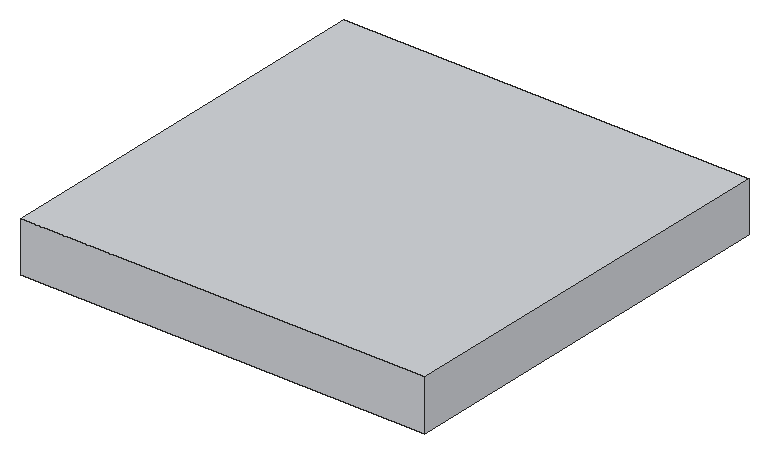
Revit family "Sanitary_Wash-Basins_DELABIE_120130-Wall-mounted-BOB-washbasin postraitement", category Appareils sanitaires, Revit 2018
Family settings
  Hôte = Face
  Cote de connecteur circulaire = Utiliser le diamètre
  Type d'élément = Normal
  Couper avec des vides une fois chargée = Non
  Partagée = Non
  Point de calcul de pièce = Non
Parameters
  Default Elevation = 1219.2 mm
Reference planes
  plane 1 "Centre (avant/arrière)": y = 0
  plane 2: z = 0
  plane 3 "Centre (gauche/droite)": x = 0
Forms (mm)
  Extrusion 1, solid
    sketch origin (0, 0, 0) x (1, 0, 0) y (0, 1, 0)
      loop
        line (-1219.2, 1219.2) -> (-1219.2, -1219.2) -> (1219.2, -1219.2) -> (1219.2, 1219.2) -> (-1219.2, 1219.2)
    from 0 to -304.8
Dimensions and locks
  aligned and locked: plane 2 to Extrusion 1
  aligned and locked: level to Extrusion 1
Nested families
  nested 1: "Sanitary_Wash-Basins_DELABIE_120130-Wall-mounted-BOB-washbasin" at (0, 0, 0), type "Default"
Definition of nested family "Sanitary_Wash-Basins_DELABIE_120130-Wall-mounted-BOB-washbasin"
  Parameters (values of type "Default")
    Youtube clip = ""
    Uniformat II Description = ""
    Uniformat II Code = ""
    Uniclass 2015 Name = "Wash basins, sinks and troughs"
    Uniclass 2015 Code = "Pr_40_20_96"
    Uniclass 2.0 Description = "Sinks, Wash Basins And Troughs"
    Uniclass 2.0 Code = "PR-31-79"
    Uniclass 1.4 Description = "Washbasins"
    Uniclass 1.4 Code = "L7212"
    UNSPSC Code = "301815"
    Technical description = "https://www.delabie.com/products/120130"
    Region South America = "AR, BO, BR, CL, CO, EC, FK, GF, GY, PE, PY, SR, UY, VE"
    Region Oceania = "AU, FJ, NC, NZ, PG, SB, TL, VU"
    Region North America = "BS, BZ, CA, CR, CU, DO, GL, GT, HN, HT, JM, MX, NI, PA, PR, SV, TT, US"
    Region Middle East = "AE, AF, EG, IL, IQ, IR, JO, KW, LB, OM, PS, QA, SA, SY, TR, YE"
    Region Europe = "AL, AT, BA, BE, BG, BY, CH, CY, CZ, DE, DK, EE, ES, FI, FR, GB, GR, HR, HU, IE, IS, IT, LT, LU, LV, MD, ME, MK, NL, NO, PL, PT, RO, RS, RU, SE, SI, SJ, SK, UA"
    Region Asia = "AM, AZ, BD, BN, BT, CN, GE, ID, IN, JP, KG, KH, KP, KR, KZ, LA, LK, MM, MN, MY, NP, PH, PK, TH, TJ, TM, TW, UZ, VN"
    Region Antarctica = "TF"
    Region Africa = "AO, BF, BI, BJ, BW, CD, CF, CG, CI, CM, DJ, DZ, EH, ER, ET, GA, GH, GM, GN, GQ, GW, KE, LR, LS, LY, MA, MG, ML, MR, MW, MZ, NA, NE, NG, RW, SD, SL, SN, SO, SS, SZ, TD, TG, TN, TZ, UG, ZA, ZM, ZW"
    QR code = "http://bimobject.com/delabie/product/120130"
    Product url = "https://www.delabie.com/products/120130"
    Product name = "120130 Wall-mounted BOB washbasin"
    Product group = "Washbasin"
    Product family = "Sanitary"
    Product data url = "https://bimobject.com/delabie/product/120130"
    Product certification = "https://www.delabie.com/products/120130"
    Product SKU = "120130"
    Product Guid = "a90263a4-1b3a-45e9-ba3f-bce76a3324b6"
    OmniClass Description = ""
    OmniClass Code = ""
    NBS Reference Description = "Sinks, Wash Basins And Troughs"
    NBS Reference Code = "31-79"
    Material secondary = ""
    Material main = "Stainless steel"
    Masterformat 2014 Description = ""
    Masterformat 2014 Code = ""
    Manufacturer name = "DELABIE"
    Manufacturer country = "Portugal"
    Installation instructions = "https://www.delabie.com/products/120130"
    IFC Classification = "Sanitary Terminal"
    GTIN code = ""
    Edition number = 1
    Design country = "Portugal"
    Date of publishing = ""
    COBIe Type Category = ""
    Brand url = "http://www.delabie.com"
    BOS_1_Visibility = yes
    BOS_1_Material = none
    BOS_0_Visibility = yes
    BOS_0_Material = none
    BIMobject main category code = "sanitary"
    BIMobject main category = "Sanitary"
    BIMobject category code = "wash-basins"
    BIMobject category = "Wash Basins"
  Reference planes
    plane 1 "Center (Front/Back)": y = 0
    plane 2: z = 0
    plane 3 "Center (Left/Right)": x = 0
  Dimensions and locks
    aligned and locked: plane 2 to level
  Imported bodies without a history: 1
